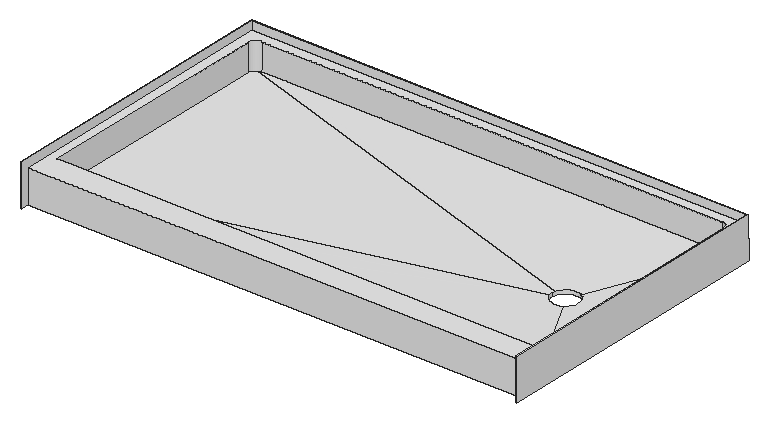
Revit family "P6034.V2L-R", category Plumbing Fixtures, Revit 2019
Family settings
  Round Connector Dimension = Use Diameter
  Part Type = Normal
  OmniClass Number = 23.45.05.14.17
  OmniClass Title = Showers
  Work Plane-Based = No
  Always vertical = Yes
  Cut with Voids When Loaded = No
  Shared = No
  Room Calculation Point = No
Parameters (values of type "P6034.V2 L/R")
  Unit Width = 60"
  Unit Height = 5"
  Unit Depth = 35"
  URL = "http://www.bestbath.com/"
  Type Comments = "Remodeler"
  Model = "P6034.V2 L/R"
  Material [instance] = Best Bath Gelcoat Fiberglass - Smooth
  Manufacturer = "Best Bath Systems, Inc."
  Keynote = "22 40 00.B3"
  Description = "Shower Pan"
  Assembly Code = "D2010710"
Reference planes (in)
  plane 1: z = 0
  plane 2 "Left": x = 0
  plane 3: y = 2.36165
  plane 4: y = 36.36165
  plane 5: x = 60
  plane 6: y = 35.11165
  plane 7: y = 19.36165
  plane 8: x = 51.5
  plane 9: z = 0.375
  plane 10: z = 0.75
  plane 11: z = 4
  plane 12: y = 1.36165
  plane 13: y = 5.36165
  plane 14: z = 5
Forms (in)
  Extrusion 1, solid, material "Best Bath Gelcoat Fiberglass - Smooth"
    sketch origin (0, 0, 0) x (1, 0, 0) y (0, 1, 0)
      loop
        line (0, 2.36165) -> (60, 2.36165) -> (60, 36.36165) -> (0, 36.36165) -> (0, 2.36165)
      loop
        circle (51.5, 19.36165) r 1.625
    from 0 to 0.75
  Blend 2, void
    base sketch origin (0, 0, 0) x (1, 0, 0) y (0, 1, 0)
      loop
        line (1.25, 6.11165) -> (58.75, 6.11165) -> (58.75, 35.11165) -> (1.25, 35.11165) -> (1.25, 6.11165)
    top sketch origin (0, 0, 0) x (1, 0, 0) y (0, 1, 0)
      loop
        circle (51.5, 19.36165) r 0.07952
    from 0.75 to 0.375
  Extrusion 3, solid, material "Best Bath Gelcoat Fiberglass - Smooth"
    sketch origin (0, 0, 0) x (1, 0, 0) y (0, 1, 0)
      loop
        line (0, 36.36165) -> (0, 2.36165) -> (1.25, 2.36165) -> (1.25, 34.11165)
        arc (1.25, 34.11165) -> (1.54289, 34.81875) -> (2.25, 35.11165) r 1
        line (2.25, 35.11165) -> (57.75, 35.11165)
        arc (57.75, 35.11165) -> (58.45711, 34.81875) -> (58.75, 34.11165) r 1
        line (58.75, 34.11165) -> (58.75, 2.36165) -> (60, 2.36165) -> (60, 35.11165) -> (60, 36.36165) -> (0, 36.36165)
    from 0 to 4
  Sweep 4, solid, material "Best Bath Gelcoat Fiberglass - Smooth"
    path origin (0, 0, 0) x (1, 0, 0) y (0, 1, 0)
      loop
        line (1.25, 2.36165) -> (58.75, 2.36165)
    profile origin (30, 2.36165, 0) x (0, 1, 0) y (0, 0, 1)
      loop
        line (0, 0) -> (3.80029, 0) -> (3.00029, 4) -> (0, 4) -> (0, 0)
  Extrusion 5, solid, material "Best Bath Gelcoat Fiberglass - Smooth"
    sketch origin (0, 0, 4) x (1, 0, 0) y (0, 1, 0)
      loop
        line (0.125, 1.36165) -> (0.125, 36.23665) -> (59.875, 36.23665) -> (59.875, 1.36165) -> (60, 1.36165) -> (60, 36.36165) -> (0, 36.36165) -> (0, 1.36165) -> (0.125, 1.36165)
    from -4 to 1
Cuts and joins
  Blend 2 cuts Extrusion 1
  joined: Extrusion 1, Extrusion 3, Sweep 4, Extrusion 5
Dimensions and locks (in)
  locked: plane 2 "Left" to plane 5 at 60
  plane 4 to plane 6 = 1 1/4"
  plane 4 to plane 7 = 17"
  locked: plane 10 to level at 0.75
  locked: plane 10 to plane 9 at 0.375
  plane 11 to level = 4"
  locked: plane 3 to plane 12 at 1
  "Unit Depth": plane 4 to plane 12
  plane 13 to plane 3 = 3"
  plane 14 to plane 11 = 1"
  "Unit Height": plane 14 to level
  plane 8 to plane 5 = 8 1/2"
  aligned and locked: level to plane 1
  aligned and locked: Extrusion 1 sketch curve to plane 3
  aligned and locked: Extrusion 1 sketch curve to plane 2 "Left"
  aligned and locked: plane 4 to Extrusion 1 sketch curve
  aligned and locked: Extrusion 1 sketch curve to plane 5
  aligned and locked: plane 8 to Extrusion 1 sketch curve
  aligned and locked: plane 7 to Extrusion 1 sketch curve
  aligned and locked: plane 10 to Extrusion 1
  aligned and locked: plane 7 to Blend 2 sketch curve
  aligned and locked: plane 8 to Blend 2 sketch curve
  aligned and locked: Extrusion 1 to Blend 2
  aligned and locked: Blend 2 to plane 9
  aligned and locked: plane 11 to Extrusion 3
  aligned and locked: plane 11 to cut or joined group of Extrusion 1, Blend 2, Extrusion 3, Sweep 4, Extrusion 5
  aligned and locked: Extrusion 5 to level
Automatic sketch dimensions
  Extrusion 3 sketch curve to plane 2 "Left" = 0"
  Extrusion 3 sketch curve to plane 3 = 0"  (x2)
  Extrusion 3 sketch curve to plane 6 = 0"  (x2)
  Extrusion 3 sketch curve to plane 5 = 0"
  Extrusion 3 sketch curve to plane 4 = 0"
  Extrusion 3 sketch curve to Extrusion 3 sketch curve = 1 1/4"
  Extrusion 3 sketch curve to Extrusion 3 sketch curve = 1"
  Extrusion 3 sketch curve to plane 6 = 1"
  plane 5 to Extrusion 3 sketch curve = 2 1/4"
  Sweep 4 sketch curve to plane 3 = 0"
  plane 2 "Left" to Sweep 4 sketch curve = 1 1/4"
  plane 5 to Sweep 4 sketch curve = 1 1/4"
  Extrusion 5 sketch curve to Extrusion 3 = 0"  (x3)
  Extrusion 3 to Extrusion 5 sketch curve = 1"  (x2)
  Extrusion 5 sketch curve to Extrusion 3 = 1/8"  (x3)
  Sweep 4 sketch curve to profile plane = 0"
  Sweep 4 sketch curve to level = 0"
  Sweep 4 sketch curve to profile plane = 3.00029"
  Sweep 4 sketch curve to profile plane = 3.80029"
  level to Sweep 4 sketch curve = 4"
  Blend 2 sketch curve to plane 6 = 0"
  plane 2 "Left" to Blend 2 sketch curve = 1 1/4"
  plane 5 to Blend 2 sketch curve = 1 1/4"
  plane 13 to Blend 2 sketch curve = 3/4"
  radius of Extrusion 1 sketch curve = 1 5/8"
  radius of Blend 2 sketch curve = 0.07952"
